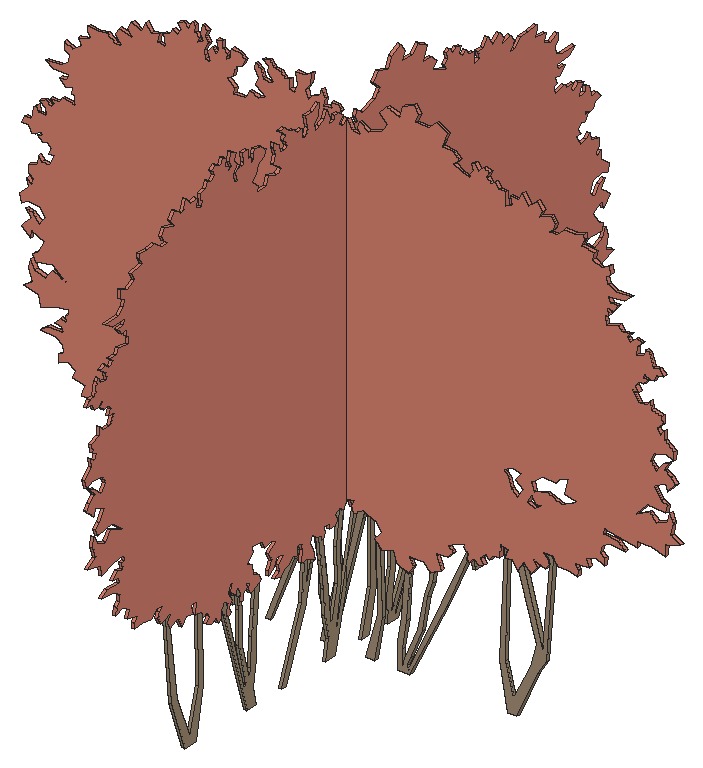
Revit family "L-PL상록관목_남천", category 수목, Revit 2019
Family settings
  OmniClass 번호 = 23.40.05.00
  OmniClass 제목 = Plants and Planting Products
  작업 기준면 기반 = 아니오
  항상 수직 = 예
  로드될 때 보이드를 사용하여 절단 = 아니오
  렌더 모양 소스 = 패밀리 형상
  공유 = 아니오
Parameters (values of type "남천")
  한국산업규격KS = ""
  조달청표준공사코드-세부공종 = "10161599202809"
  높이 = 1000 mm
  건설정보분류체계-부위분류 = "E985"
  LIM_INFO_주의사항 = "재배포, 재가공, 판매 금지"
  LIM_INFO_제작일 = "20211210"
  LIM_INFO_버전 = "2022_V01"
  LIM_INFO_PL_학명 = "Quercus myrsinaefolia Bl."
  LIM_INFO_PL_품명 = "가시나무"
  LIM_INFO_PL_주당인정수량 = 0
  LIM_INFO_PL_수목단위 = "주"
  LIM_INFO_PL_규격 = "5.0H X 18R"
  LIM_INFO_PL_구분 = "상록교목"
  LIM_INFO_PL_가격 = 0
  LIM_INFO_PL_Qty [instance] = 0
  LIM_INFO_PL_M2당수량 = 0
  KBIMS_식별-버전 = ""
  KBIMS_식별-bSK등록번호 = ""
  KBIMS_보급정보-저작자 = "림인포테크_MMJ"
  KBIMS_보급정보-보급코드 = ""
Reference planes
  plane 1 "중심(앞/뒤)": y = 0
  plane 2: z = 0
  plane 3 "중심(왼쪽/오른쪽)": x = 0
  plane 4: x = 482.5
  plane 5: x = -607.5
  plane 6: z = -545
  plane 7: z = -817.5
  plane 8: z = 5000
  plane 9: x = -100
  plane 10: x = 100
Dimensions and locks
  plane 4 to plane 5 = 1090 mm
  plane 6 to level = 545 mm
  plane 7 to plane 6 = 272.5 mm
  locked: level to plane 8 at 5000
  plane 9 to plane 10 = 200 mm
  aligned and locked: level to plane 2
Nested families
  nested 1: "남천_base" at (0, 0, 0), type "남천_base"
Definition of nested family "남천_base"
  Parameters (values of type "남천_base")
    Height = 6000 mm
  Reference planes
    plane 1 "중심(앞/뒤)": y = 0
    plane 2: z = 0
    plane 3 "중심(왼쪽/오른쪽)": x = 0
    plane 4 "중심 L/S": x = 500
    plane 5 "중심 L/T": x = -500
  Forms (mm)
    Extrusion 1, solid, detail levels fine
      sketch origin (0, 0, 0) x (1, 0, 0) y (0, 0, 1)
        loop
          line (80.286, 176.292) -> (85.418, 159.57) -> (105.102, 150.285) -> (112.367, 162.751) -> (106.26, 176.112) -> (129.292, 176.349) -> (142.188, 165.026) -> (160.028, 174.495) -> (151.265, 196.575) -> (170.335, 197.963) -> (179.881, 207.617) -> (171.326, 216.061) -> (183.693, 223.429) -> (200.072, 228.028) -> (197.106, 222.268) -> (203.809, 215.388) -> (201.485, 205.41) -> (206.347, 201.833) -> (212.904, 210.945) -> (221.412, 204.685) -> (231.046, 207.488) -> (226.135, 216.496) -> (233.913, 224.111) -> (240.907, 218.441) -> (246.565, 226.941) -> (257.421, 227.945) -> (258.144, 248.168) -> (269.955, 243.749) -> (265.241, 231.033) -> (279.119, 231.763) -> (286.782, 218.857) -> (296.889, 234.621) -> (311.164, 222.996) -> (320.405, 234.533) -> (314.283, 244.724) -> (333.945, 237.368) -> (340.797, 246.472) -> (338.303, 255.491) -> (331.614, 261.759) -> (344.277, 261.573) -> (356.45, 249.025) -> (372.728, 249.173) -> (388.439, 245.397) -> (389.267, 253.843) -> (384.658, 263.446) -> (407.247, 265.761) -> (403.521, 277.783) -> (418.53, 284.851) -> (432.471, 276.84) -> (433.863, 289.511) -> (426.275, 295.168) -> (429.194, 305.743) -> (441.192, 312.483) -> (468.034, 311.219) -> (456.182, 321.66) -> (430.836, 324.143) -> (433.858, 332.534) -> (487.865, 323.726) -> (487.95, 333.139) -> (511.489, 332.925) -> (534.979, 327.221) -> (535.927, 345.255) -> (561.114, 353.656) -> (543.93, 362.442) -> (548.024, 381.232) -> (542.66, 395.402) -> (537.817, 380.54) -> (520.483, 372.853) -> (508.036, 384.733) -> (486.751, 373.943) -> (505.767, 394.168) -> (535.57, 392.328) -> (538.03, 404.073) -> (528.349, 408.835) -> (516.278, 426.056) -> (535.941, 437.123) -> (539.262, 425.848) -> (552.599, 440.395) -> (543.876, 449.275) -> (533.673, 456.701) -> (541.124, 469.346) -> (531.299, 464.546) -> (519.927, 450.959) -> (509.262, 461.323) -> (516.726, 475.434) -> (537.309, 480.137) -> (548.513, 475.146) -> (549.256, 488.727) -> (533.304, 501.038) -> (533.428, 514.662) -> (527.034, 507.421) -> (521.751, 515.255) -> (529.605, 522.483) -> (528.741, 534.657) -> (511.746, 539.191) -> (509.422, 551.378) -> (504.489, 544.123) -> (491.325, 541.809) -> (480.475, 557.459) -> (490.772, 557.365) -> (485.403, 566.498) -> (491.224, 573.713) -> (498.79, 573.039) -> (506.141, 582.056) -> (498.578, 583.033) -> (500.436, 587.559) -> (509.787, 583.235) -> (516.453, 583.477) -> (520.481, 593.433) -> (532.62, 596.048) -> (525.131, 605.201) -> (514.514, 603.48) -> (507.755, 622.781) -> (502.351, 625.241) -> (500.764, 616.515) -> (487.169, 613.323) -> (488.18, 625.068) -> (496.7, 633.731) -> (486.779, 636.835) -> (477.059, 628.786) -> (471.079, 634.265) -> (477.168, 640.841) -> (462.68, 638.862) -> (456.716, 646.15) -> (436.467, 640.607) -> (434.475, 653.585) -> (440.216, 655.04) -> (437.294, 665.313) -> (447.834, 664.012) -> (456.683, 675.686) -> (443.414, 675.204) -> (440.473, 683.368) -> (465.819, 685.851) -> (477.671, 696.292) -> (450.829, 695.028) -> (438.831, 701.768) -> (435.912, 712.343) -> (443.5, 718) -> (442.108, 730.671) -> (428.167, 722.66) -> (413.158, 729.728) -> (416.884, 741.75) -> (394.295, 744.065) -> (398.904, 753.667) -> (398.076, 762.114) -> (382.365, 758.338) -> (366.087, 758.486) -> (353.914, 745.938) -> (341.251, 745.751) -> (347.94, 752.02) -> (350.434, 761.039) -> (343.582, 770.143) -> (323.92, 762.786) -> (330.042, 772.978) -> (320.801, 784.515) -> (306.526, 772.89) -> (296.419, 788.654) -> (288.756, 775.748) -> (274.878, 776.478) -> (279.592, 763.762) -> (267.781, 759.342) -> (267.059, 779.566) -> (256.202, 780.57) -> (250.544, 789.07) -> (243.55, 783.4) -> (235.772, 791.015) -> (240.683, 800.023) -> (231.05, 802.826) -> (222.541, 796.566) -> (215.984, 805.678) -> (211.122, 802.101) -> (213.446, 792.122) -> (206.743, 785.243) -> (209.709, 779.483) -> (193.33, 784.081) -> (180.963, 791.449) -> (189.518, 799.894) -> (179.972, 809.548) -> (160.902, 810.936) -> (169.665, 833.016) -> (151.825, 842.485) -> (138.929, 831.162) -> (115.897, 831.399) -> (122.004, 844.76) -> (114.739, 857.226) -> (95.055, 847.941) -> (89.923, 831.219) -> (68.509, 837.683) -> (56.801, 825.029) -> (69.667, 811.856) -> (61.039, 798.638) -> (37.331, 790.248) -> (22.423, 799.006) -> (19.758, 789.312) -> (24.139, 780.306) -> (10.223, 782.061) -> (2.89, 796.55) -> (-4.774, 789.254) -> (-14.988, 795.571) -> (-7.93, 804.955) -> (-14.707, 811.138) -> (-24.102, 811.67) -> (-24.328, 804.496) -> (-36.813, 802.727) -> (-34.887, 813.248) -> (-40.524, 826.735) -> (-44.106, 814.737) -> (-56.203, 810.229) -> (-62.736, 803.714) -> (-66.983, 816.156) -> (-59.706, 826.192) -> (-56.987, 844.278) -> (-69.349, 837.248) -> (-83.658, 837.395) -> (-80.59, 818.523) -> (-85.647, 806.425) -> (-93.96, 808.631) -> (-94.029, 822.157) -> (-101.443, 820.184) -> (-110.266, 828.164) -> (-119.743, 829.898) -> (-128.091, 838.867) -> (-139.511, 836.942) -> (-129.524, 829.435) -> (-130.915, 819.702) -> (-122.052, 809.267) -> (-127.917, 805.052) -> (-138.126, 807.606) -> (-142.205, 819.026) -> (-151.546, 826.316) -> (-152.59, 818.478) -> (-146.832, 806.065) -> (-152.104, 793.321) -> (-135.272, 780.938) -> (-146.05, 776.643) -> (-161.384, 780.624) -> (-166.785, 768.784) -> (-187.554, 767.689) -> (-185.819, 777.163) -> (-198.171, 788.335) -> (-188.513, 794.009) -> (-185.736, 809.169) -> (-173.579, 814.582) -> (-168.61, 825.13) -> (-178.814, 832.065) -> (-190.838, 834.656) -> (-193.379, 828.776) -> (-192.704, 819.672) -> (-200.355, 815.215) -> (-198.84, 824.016) -> (-206.651, 829.35) -> (-206.68, 840.386) -> (-216.003, 839.065) -> (-213.616, 824.377) -> (-217.576, 817.683) -> (-223.837, 825.076) -> (-231.409, 815.723) -> (-227.26, 801.591) -> (-234.687, 804.219) -> (-237.508, 815.473) -> (-229.621, 828.59) -> (-235.97, 836.833) -> (-231.221, 846.343) -> (-240.818, 851.689) -> (-242.883, 838.292) -> (-239.012, 828.174) -> (-248.022, 825.069) -> (-245.837, 831.169) -> (-253.385, 837.109) -> (-252.391, 847.307) -> (-257.68, 850.215) -> (-262.985, 840.321) -> (-272.241, 845.41) -> (-281.423, 841.367) -> (-275.372, 833.081) -> (-282.084, 824.512) -> (-289.761, 829.215) -> (-294.255, 820.045) -> (-304.886, 817.626) -> (-302.947, 797.482) -> (-315.237, 800.313) -> (-312.233, 813.538) -> (-325.894, 810.993) -> (-335.185, 822.782) -> (-343.136, 805.827) -> (-358.813, 815.478) -> (-366.46, 802.829) -> (-359.053, 793.528) -> (-379.511, 798.241) -> (-385.108, 788.316) -> (-381.453, 779.703) -> (-373.998, 774.366) -> (-386.577, 772.889) -> (-400.291, 783.731) -> (-416.409, 781.448) -> (-432.48, 783.129) -> (-432.192, 774.647) -> (-426.362, 765.733) -> (-448.453, 760.473) -> (-443.181, 749.045) -> (-457.133, 740.068) -> (-472.004, 746.18) -> (-471.721, 733.436) -> (-463.456, 728.823) -> (-464.962, 717.956) -> (-475.972, 709.701) -> (-502.748, 707.43) -> (-489.628, 698.635) -> (-464.175, 699.5) -> (-466.019, 691.021) -> (-479.237, 689.758) -> (-468.932, 679.346) -> (-458.655, 682.019) -> (-460.203, 671.451) -> (-454.32, 670.762) -> (-454.592, 657.635) -> (-475.393, 660.472) -> (-480.349, 652.465) -> (-494.972, 652.525) -> (-488.072, 646.805) -> (-493.281, 640.589) -> (-503.974, 647.293) -> (-513.401, 642.914) -> (-503.818, 635.444) -> (-501.275, 623.933) -> (-515.171, 625.313) -> (-517.889, 633.755) -> (-522.924, 630.607) -> (-527.091, 610.586) -> (-537.842, 610.899) -> (-544.065, 600.842) -> (-531.688, 599.843) -> (-526.388, 590.502) -> (-519.748, 591.136) -> (-511.046, 596.65) -> (-508.609, 592.408) -> (-515.979, 590.447) -> (-507.508, 582.472) -> (-500.096, 584.133) -> (-493.379, 577.745) -> (-497.503, 567.986) -> (-487.306, 569.43) -> (-496.009, 552.492) -> (-509.363, 553.058) -> (-515.206, 559.602) -> (-515.909, 547.216) -> (-532.163, 540.491) -> (-531.421, 528.309) -> (-522.687, 522.174) -> (-526.896, 513.715) -> (-534.185, 520.055) -> (-532.274, 506.564) -> (-546.472, 492.267) -> (-543.953, 478.9) -> (-533.502, 485.318) -> (-512.479, 483.357) -> (-503.228, 470.348) -> (-512.441, 458.674) -> (-525.497, 470.65) -> (-535.867, 474.12) -> (-526.821, 46
            2.562) -> (-535.962, 453.861) -> (-543.443, 443.913) -> (-528.313, 431.243) -> (-526.5, 442.856) -> (-505.555, 434.466) -> (-515.261, 415.809) -> (-524.234, 409.818) -> (-520.253, 398.497) -> (-490.95, 404.232) -> (-469.443, 386.678) -> (-491.96, 394.581) -> (-502.741, 381.17) -> (-520.934, 386.517) -> (-527.685, 400.614) -> (-531.144, 385.863) -> (-524.619, 367.772) -> (-540.501, 356.807) -> (-514.43, 351.785) -> (-511.123, 334.03) -> (-488.585, 342.768) -> (-465.277, 346.069) -> (-463.957, 336.749) -> (-469.84, 336.06) -> (-468.292, 325.492) -> (-478.569, 328.165) -> (-488.874, 317.753) -> (-475.656, 316.49) -> (-473.812, 308.011) -> (-499.265, 308.876) -> (-512.385, 300.081) -> (-485.609, 297.81) -> (-474.599, 289.555) -> (-473.093, 278.688) -> (-481.359, 274.075) -> (-481.641, 261.331) -> (-466.77, 267.443) -> (-452.818, 258.466) -> (-458.09, 247.038) -> (-436, 241.778) -> (-441.829, 232.864) -> (-442.117, 224.382) -> (-426.046, 226.063) -> (-409.928, 223.78) -> (-396.214, 234.622) -> (-383.636, 233.145) -> (-391.09, 227.808) -> (-394.745, 219.194) -> (-389.148, 209.27) -> (-368.69, 213.982) -> (-376.097, 204.682) -> (-368.45, 192.033) -> (-352.773, 201.683) -> (-344.822, 184.729) -> (-335.532, 196.518) -> (-321.87, 193.973) -> (-324.874, 207.198) -> (-312.585, 210.029) -> (-314.523, 189.885) -> (-303.892, 187.465) -> (-299.398, 178.296) -> (-291.721, 182.999) -> (-285.009, 174.43) -> (-291.06, 166.144) -> (-281.878, 162.101) -> (-272.622, 167.19) -> (-267.317, 157.296) -> (-262.028, 160.204) -> (-263.022, 170.402) -> (-255.474, 176.342) -> (-257.659, 182.441) -> (-248.649, 179.337) -> (-252.52, 169.219) -> (-250.455, 155.822) -> (-240.858, 161.168) -> (-245.607, 170.678) -> (-239.258, 178.921) -> (-247.145, 192.038) -> (-244.324, 203.292) -> (-236.897, 205.92) -> (-241.046, 191.787) -> (-233.474, 182.435) -> (-227.213, 189.828) -> (-223.253, 183.134) -> (-225.64, 168.446) -> (-216.317, 167.125) -> (-216.288, 178.161) -> (-208.477, 183.495) -> (-209.992, 192.296) -> (-202.341, 187.839) -> (-203.016, 178.735) -> (-200.475, 172.855) -> (-188.451, 175.445) -> (-178.247, 182.381) -> (-183.216, 192.929) -> (-195.373, 198.342) -> (-198.15, 213.501) -> (-207.808, 219.176) -> (-195.456, 230.347) -> (-197.191, 239.822) -> (-176.422, 238.726) -> (-171.021, 226.887) -> (-155.687, 230.868) -> (-144.909, 226.573) -> (-161.741, 214.19) -> (-156.469, 201.446) -> (-162.227, 189.033) -> (-161.183, 181.194) -> (-151.842, 188.485) -> (-147.763, 199.905) -> (-137.555, 202.459) -> (-131.689, 198.244) -> (-140.552, 187.809) -> (-139.162, 178.076) -> (-149.149, 170.569) -> (-137.728, 168.644) -> (-129.38, 177.613) -> (-119.903, 179.347) -> (-111.08, 187.327) -> (-103.666, 185.354) -> (-103.597, 198.88) -> (-95.284, 201.086) -> (-90.227, 188.988) -> (-93.295, 170.116) -> (-78.986, 170.263) -> (-66.624, 163.233) -> (-69.343, 181.319) -> (-76.62, 191.355) -> (-72.373, 203.797) -> (-65.84, 197.282) -> (-53.743, 192.773) -> (-50.161, 180.776) -> (-44.524, 194.263) -> (-46.45, 204.783) -> (-33.965, 203.015) -> (-33.739, 195.841) -> (-24.344, 196.373) -> (-17.567, 202.556) -> (-24.625, 211.94) -> (-14.411, 218.257) -> (-6.747, 210.961) -> (0.586, 225.45) -> (14.502, 227.205) -> (10.12, 218.199) -> (12.786, 208.505) -> (27.694, 217.263) -> (51.402, 208.873) -> (60.03, 195.655) -> (47.164, 182.482) -> (58.872, 169.828) -> (80.286, 176.292)
        loop
          line (276.751, 338.374) -> (287.329, 330.438) -> (296.906, 343.204) -> (283.576, 353.205) -> (293.253, 366.104) -> (278.469, 370.672) -> (261.804, 362.61) -> (271.749, 353.742) -> (276.751, 338.374)
        loop
          line (361.392, 343.512) -> (388.99, 356.207) -> (366.153, 362.552) -> (372.955, 387.031) -> (358.943, 381.447) -> (352.275, 374.248) -> (329.072, 374.248) -> (311.504, 359.986) -> (315.471, 346.519) -> (337.586, 353.032) -> (361.392, 343.512)
        loop
          line (304.535, 328.187) -> (315.065, 321.765) -> (329.305, 330.908) -> (317.329, 330.092) -> (311.341, 339.344) -> (304.535, 328.187)
      from 0 to 5
    Extrusion 2, solid, detail levels fine
      sketch origin (0, 0, 0) x (1, 0, 0) y (0, 0, 1)
        loop
          line (265.41, 245.45) -> (257.609, 74.87) -> (271.248, 0) -> (286.234, 0) -> (320.468, 75.546) -> (335.405, 98.363) -> (348.267, 257.461) -> (344.277, 261.573) -> (331.614, 261.759) -> (338.303, 255.491) -> (340.517, 247.484) -> (340.797, 246.472) -> (340.228, 244.106) -> (329.935, 116.791) -> (298.163, 233.583) -> (296.889, 234.621) -> (288.266, 221.171) -> (318.613, 118.999) -> (309.563, 82.12) -> (279.934, 25.08) -> (266.877, 77.056) -> (271.166, 231.345) -> (265.241, 231.033) -> (269.955, 243.749) -> (265.41, 245.45)
        loop
          line (86.144, 0) -> (107.024, 0) -> (169.655, 125.227) -> (203.885, 203.644) -> (201.485, 205.41) -> (203.809, 215.388) -> (202.153, 217.089) -> (160.382, 125.591) -> (104.125, 6.295) -> (102.345, 12.344) -> (127.971, 72.477) -> (137.225, 126.56) -> (145.411, 150.756) -> (148.089, 168.158) -> (142.188, 165.026) -> (140.719, 166.315) -> (140.072, 152.891) -> (131.174, 127.628) -> (120.497, 71.409) -> (97.362, 20.172) -> (94.131, 9.509) -> (94.577, 34.018) -> (101.708, 79.024) -> (104.16, 119.798) -> (107.555, 154.495) -> (105.102, 150.285) -> (99.54, 152.908) -> (96.137, 128.933) -> (93.685, 82.366) -> (85.662, 43.153) -> (86.144, 0)
        loop
          line (58.101, 170.66) -> (50.616, 178.752) -> (52.185, 70.492) -> (33.478, 0) -> (48.064, 0) -> (61.423, 68.183) -> (58.101, 170.66)
        loop
          line (30.631, 216.224) -> (27.694, 217.263) -> (19.902, 212.686) -> (-19.695, 38.261) -> (-22.738, 43.784) -> (-10.686, 108.029) -> (-13.317, 162.836) -> (-7.935, 212.092) -> (-12.852, 216.773) -> (-19.455, 162.573) -> (-17.754, 105.374) -> (-29.292, 50.353) -> (-30.147, 39.244) -> (-34.998, 63.272) -> (-37.743, 108.757) -> (-44.144, 149.1) -> (-48.452, 184.865) -> (-50.161, 180.776) -> (-53.743, 192.773) -> (-56.831, 193.924) -> (-53.949, 156.289) -> (-46.298, 110.29) -> (-45.674, 70.269) -> (-36.635, 31.422) -> (-41.958, 0) -> (-23.739, 0) -> (30.631, 216.224)
        loop
          line (-70.213, 165.274) -> (-74.503, 167.714) -> (-84.448, 124.727) -> (-81.994, 170.232) -> (-89.806, 170.232) -> (-93.154, 111.029) -> (-134.582, 0) -> (-126.688, 0) -> (-85.49, 105.408) -> (-85.253, 109.811) -> (-70.213, 165.274)
        loop
          line (-259.711, 173.008) -> (-257.222, 162.683) -> (-208.902, 0) -> (-189.561, 0) -> (-196.189, 28.04) -> (-188.805, 67.235) -> (-189.877, 107.247) -> (-184.182, 153.529) -> (-183.316, 178.936) -> (-188.451, 175.445) -> (-191.431, 174.803) -> (-193.673, 145.931) -> (-198.36, 105.353) -> (-199.175, 59.792) -> (-203.004, 35.581) -> (-204.329, 46.643) -> (-218.187, 101.127) -> (-218.911, 158.346) -> (-220.457, 167.712) -> (-225.64, 168.446) -> (-223.253, 183.134) -> (-227.213, 189.828) -> (-229.449, 187.188) -> (-225.055, 158.348) -> (-225.361, 103.479) -> (-210.599, 39.803) -> (-213.404, 34.156) -> (-247.023, 157.734) -> (-250.455, 155.822) -> (-252.52, 169.219) -> (-251.043, 173.08) -> (-253.055, 180.855) -> (-257.659, 182.441) -> (-255.474, 176.342) -> (-259.711, 173.008)
        loop
          line (-377.554, 211.941) -> (-364.617, 78.494) -> (-338.385, 0) -> (-315.02, 0) -> (-299.549, 78.958) -> (-303.008, 185.663) -> (-303.892, 187.465) -> (-310.348, 188.935) -> (-308.787, 81.267) -> (-327.149, 12.077) -> (-355.753, 81.972) -> (-368.408, 191.964) -> (-376.097, 204.682) -> (-368.69, 213.982) -> (-377.554, 211.941)
      from 0 to 5
    Extrusion 3, solid, detail levels fine
      sketch origin (-5, -5, 0) x (0, 1, 0) y (0, 0, 1)
        loop
          line (80.286, 176.292) -> (85.418, 159.57) -> (105.102, 150.285) -> (112.367, 162.751) -> (106.26, 176.112) -> (129.292, 176.349) -> (142.188, 165.026) -> (160.028, 174.495) -> (151.265, 196.575) -> (170.335, 197.963) -> (179.881, 207.617) -> (171.326, 216.061) -> (183.693, 223.429) -> (200.072, 228.028) -> (197.106, 222.268) -> (203.809, 215.388) -> (201.485, 205.41) -> (206.347, 201.833) -> (212.904, 210.945) -> (221.412, 204.685) -> (231.046, 207.488) -> (226.135, 216.496) -> (233.913, 224.111) -> (240.907, 218.441) -> (246.565, 226.941) -> (257.421, 227.945) -> (258.144, 248.168) -> (269.955, 243.749) -> (265.241, 231.033) -> (279.119, 231.763) -> (286.782, 218.857) -> (296.889, 234.621) -> (311.164, 222.996) -> (320.405, 234.533) -> (314.283, 244.724) -> (333.945, 237.368) -> (340.797, 246.472) -> (338.303, 255.491) -> (331.614, 261.759) -> (344.277, 261.573) -> (356.45, 249.025) -> (372.728, 249.173) -> (388.439, 245.397) -> (389.267, 253.843) -> (384.658, 263.446) -> (407.247, 265.761) -> (403.521, 277.783) -> (418.53, 284.851) -> (432.471, 276.84) -> (433.863, 289.511) -> (426.275, 295.168) -> (429.194, 305.743) -> (441.192, 312.483) -> (468.034, 311.219) -> (456.182, 321.66) -> (430.836, 324.143) -> (433.858, 332.534) -> (487.865, 323.726) -> (487.95, 333.139) -> (511.489, 332.925) -> (534.979, 327.221) -> (535.927, 345.255) -> (561.114, 353.656) -> (543.93, 362.442) -> (548.024, 381.232) -> (542.66, 395.402) -> (537.817, 380.54) -> (520.483, 372.853) -> (508.036, 384.733) -> (486.751, 373.943) -> (505.767, 394.168) -> (535.57, 392.328) -> (538.03, 404.073) -> (528.349, 408.835) -> (516.278, 426.056) -> (535.941, 437.123) -> (539.262, 425.848) -> (552.599, 440.395) -> (543.876, 449.275) -> (533.673, 456.701) -> (541.124, 469.346) -> (531.299, 464.546) -> (519.927, 450.959) -> (509.262, 461.323) -> (516.726, 475.434) -> (537.309, 480.137) -> (548.513, 475.146) -> (549.256, 488.727) -> (533.304, 501.038) -> (533.428, 514.662) -> (527.034, 507.421) -> (521.751, 515.255) -> (529.605, 522.483) -> (528.741, 534.657) -> (511.746, 539.191) -> (509.422, 551.378) -> (504.489, 544.123) -> (491.325, 541.809) -> (480.475, 557.459) -> (490.772, 557.365) -> (485.403, 566.498) -> (491.224, 573.713) -> (498.79, 573.039) -> (506.141, 582.056) -> (498.578, 583.033) -> (500.436, 587.559) -> (509.787, 583.235) -> (516.453, 583.477) -> (520.481, 593.433) -> (532.62, 596.048) -> (525.131, 605.201) -> (514.514, 603.48) -> (507.755, 622.781) -> (502.351, 625.241) -> (500.764, 616.515) -> (487.169, 613.323) -> (488.18, 625.068) -> (496.7, 633.731) -> (486.779, 636.835) -> (477.059, 628.786) -> (471.079, 634.265) -> (477.168, 640.841) -> (462.68, 638.862) -> (456.716, 646.15) -> (436.467, 640.607) -> (434.475, 653.585) -> (440.216, 655.04) -> (437.294, 665.313) -> (447.834, 664.012) -> (456.683, 675.686) -> (443.414, 675.204) -> (440.473, 683.368) -> (465.819, 685.851) -> (477.671, 696.292) -> (450.829, 695.028) -> (438.831, 701.768) -> (435.912, 712.343) -> (443.5, 718) -> (442.108, 730.671) -> (428.167, 722.66) -> (413.158, 729.728) -> (416.884, 741.75) -> (394.295, 744.065) -> (398.904, 753.667) -> (398.076, 762.114) -> (382.365, 758.338) -> (366.087, 758.486) -> (353.914, 745.938) -> (341.251, 745.751) -> (347.94, 752.02) -> (350.434, 761.039) -> (343.582, 770.143) -> (323.92, 762.786) -> (330.042, 772.978) -> (320.801, 784.515) -> (306.526, 772.89) -> (296.419, 788.654) -> (288.756, 775.748) -> (274.878, 776.478) -> (279.592, 763.762) -> (267.781, 759.342) -> (267.059, 779.566) -> (256.202, 780.57) -> (250.544, 789.07) -> (243.55, 783.4) -> (235.772, 791.015) -> (240.683, 800.023) -> (231.05, 802.826) -> (222.541, 796.566) -> (215.984, 805.678) -> (211.122, 802.101) -> (213.446, 792.122) -> (206.743, 785.243) -> (209.709, 779.483) -> (193.33, 784.081) -> (180.963, 791.449) -> (189.518, 799.894) -> (179.972, 809.548) -> (160.902, 810.936) -> (169.665, 833.016) -> (151.825, 842.485) -> (138.929, 831.162) -> (115.897, 831.399) -> (122.004, 844.76) -> (114.739, 857.226) -> (95.055, 847.941) -> (89.923, 831.219) -> (68.509, 837.683) -> (56.801, 825.029) -> (69.667, 811.856) -> (61.039, 798.638) -> (37.331, 790.248) -> (22.423, 799.006) -> (19.758, 789.312) -> (24.139, 780.306) -> (10.223, 782.061) -> (2.89, 796.55) -> (-4.774, 789.254) -> (-14.988, 795.571) -> (-7.93, 804.955) -> (-14.707, 811.138) -> (-24.102, 811.67) -> (-24.328, 804.496) -> (-36.813, 802.727) -> (-34.887, 813.248) -> (-40.524, 826.735) -> (-44.106, 814.737) -> (-56.203, 810.229) -> (-62.736, 803.714) -> (-66.983, 816.156) -> (-59.706, 826.192) -> (-56.987, 844.278) -> (-69.349, 837.248) -> (-83.658, 837.395) -> (-80.59, 818.523) -> (-85.647, 806.425) -> (-93.96, 808.631) -> (-94.029, 822.157) -> (-101.443, 820.184) -> (-110.266, 828.164) -> (-119.743, 829.898) -> (-128.091, 838.867) -> (-139.511, 836.942) -> (-129.524, 829.435) -> (-130.915, 819.702) -> (-122.052, 809.267) -> (-127.917, 805.052) -> (-138.126, 807.606) -> (-142.205, 819.026) -> (-151.546, 826.316) -> (-152.59, 818.478) -> (-146.832, 806.065) -> (-152.104, 793.321) -> (-135.272, 780.938) -> (-146.05, 776.643) -> (-161.384, 780.624) -> (-166.785, 768.784) -> (-187.554, 767.689) -> (-185.819, 777.163) -> (-198.171, 788.335) -> (-188.513, 794.009) -> (-185.736, 809.169) -> (-173.579, 814.582) -> (-168.61, 825.13) -> (-178.814, 832.065) -> (-190.838, 834.656) -> (-193.379, 828.776) -> (-192.704, 819.672) -> (-200.355, 815.215) -> (-198.84, 824.016) -> (-206.651, 829.35) -> (-206.68, 840.386) -> (-216.003, 839.065) -> (-213.616, 824.377) -> (-217.576, 817.683) -> (-223.837, 825.076) -> (-231.409, 815.723) -> (-227.26, 801.591) -> (-234.687, 804.219) -> (-237.508, 815.473) -> (-229.621, 828.59) -> (-235.97, 836.833) -> (-231.221, 846.343) -> (-240.818, 851.689) -> (-242.883, 838.292) -> (-239.012, 828.174) -> (-248.022, 825.069) -> (-245.837, 831.169) -> (-253.385, 837.109) -> (-252.391, 847.307) -> (-257.68, 850.215) -> (-262.985, 840.321) -> (-272.241, 845.41) -> (-281.423, 841.367) -> (-275.372, 833.081) -> (-282.084, 824.512) -> (-289.761, 829.215) -> (-294.255, 820.045) -> (-304.886, 817.626) -> (-302.947, 797.482) -> (-315.237, 800.313) -> (-312.233, 813.538) -> (-325.894, 810.993) -> (-335.185, 822.782) -> (-343.136, 805.827) -> (-358.813, 815.478) -> (-366.46, 802.829) -> (-359.053, 793.528) -> (-379.511, 798.241) -> (-385.108, 788.316) -> (-381.453, 779.703) -> (-373.998, 774.366) -> (-386.577, 772.889) -> (-400.291, 783.731) -> (-416.409, 781.448) -> (-432.48, 783.129) -> (-432.192, 774.647) -> (-426.362, 765.733) -> (-448.453, 760.473) -> (-443.181, 749.045) -> (-457.133, 740.068) -> (-472.004, 746.18) -> (-471.721, 733.436) -> (-463.456, 728.823) -> (-464.962, 717.956) -> (-475.972, 709.701) -> (-502.748, 707.43) -> (-489.628, 698.635) -> (-464.175, 699.5) -> (-466.019, 691.021) -> (-479.237, 689.758) -> (-468.932, 679.346) -> (-458.655, 682.019) -> (-460.203, 671.451) -> (-454.32, 670.762) -> (-454.592, 657.635) -> (-475.393, 660.472) -> (-480.349, 652.465) -> (-494.972, 652.525) -> (-488.072, 646.805) -> (-493.281, 640.589) -> (-503.974, 647.293) -> (-513.401, 642.914) -> (-503.818, 635.444) -> (-501.275, 623.933) -> (-515.171, 625.313) -> (-517.889, 633.755) -> (-522.924, 630.607) -> (-527.091, 610.586) -> (-537.842, 610.899) -> (-544.065, 600.842) -> (-531.688, 599.843) -> (-526.388, 590.502) -> (-519.748, 591.136) -> (-511.046, 596.65) -> (-508.609, 592.408) -> (-515.979, 590.447) -> (-507.508, 582.472) -> (-500.096, 584.133) -> (-493.379, 577.745) -> (-497.503, 567.986) -> (-487.306, 569.43) -> (-496.009, 552.492) -> (-509.363, 553.058) -> (-515.206, 559.602) -> (-515.909, 547.216) -> (-532.163, 540.491) -> (-531.421, 528.309) -> (-522.687, 522.174) -> (-526.896, 513.715) -> (-534.185, 520.055) -> (-532.274, 506.564) -> (-546.472, 492.267) -> (-543.953, 478.9) -> (-533.502, 485.318) -> (-512.479, 483.357) -> (-503.228, 470.348) -> (-512.441, 458.674) -> (-525.497, 470.65) -> (-535.867, 474.12) -> (-526.821, 46
            2.562) -> (-535.962, 453.861) -> (-543.443, 443.913) -> (-528.313, 431.243) -> (-526.5, 442.856) -> (-505.555, 434.466) -> (-515.261, 415.809) -> (-524.234, 409.818) -> (-520.253, 398.497) -> (-490.95, 404.232) -> (-469.443, 386.678) -> (-491.96, 394.581) -> (-502.741, 381.17) -> (-520.934, 386.517) -> (-527.685, 400.614) -> (-531.144, 385.863) -> (-524.619, 367.772) -> (-540.501, 356.807) -> (-514.43, 351.785) -> (-511.123, 334.03) -> (-488.585, 342.768) -> (-465.277, 346.069) -> (-463.957, 336.749) -> (-469.84, 336.06) -> (-468.292, 325.492) -> (-478.569, 328.165) -> (-488.874, 317.753) -> (-475.656, 316.49) -> (-473.812, 308.011) -> (-499.265, 308.876) -> (-512.385, 300.081) -> (-485.609, 297.81) -> (-474.599, 289.555) -> (-473.093, 278.688) -> (-481.359, 274.075) -> (-481.641, 261.331) -> (-466.77, 267.443) -> (-452.818, 258.466) -> (-458.09, 247.038) -> (-436, 241.778) -> (-441.829, 232.864) -> (-442.117, 224.382) -> (-426.046, 226.063) -> (-409.928, 223.78) -> (-396.214, 234.622) -> (-383.636, 233.145) -> (-391.09, 227.808) -> (-394.745, 219.194) -> (-389.148, 209.27) -> (-368.69, 213.982) -> (-376.097, 204.682) -> (-368.45, 192.033) -> (-352.773, 201.683) -> (-344.822, 184.729) -> (-335.532, 196.518) -> (-321.87, 193.973) -> (-324.874, 207.198) -> (-312.585, 210.029) -> (-314.523, 189.885) -> (-303.892, 187.465) -> (-299.398, 178.296) -> (-291.721, 182.999) -> (-285.009, 174.43) -> (-291.06, 166.144) -> (-281.878, 162.101) -> (-272.622, 167.19) -> (-267.317, 157.296) -> (-262.028, 160.204) -> (-263.022, 170.402) -> (-255.474, 176.342) -> (-257.659, 182.441) -> (-248.649, 179.337) -> (-252.52, 169.219) -> (-250.455, 155.822) -> (-240.858, 161.168) -> (-245.607, 170.678) -> (-239.258, 178.921) -> (-247.145, 192.038) -> (-244.324, 203.292) -> (-236.897, 205.92) -> (-241.046, 191.787) -> (-233.474, 182.435) -> (-227.213, 189.828) -> (-223.253, 183.134) -> (-225.64, 168.446) -> (-216.317, 167.125) -> (-216.288, 178.161) -> (-208.477, 183.495) -> (-209.992, 192.296) -> (-202.341, 187.839) -> (-203.016, 178.735) -> (-200.475, 172.855) -> (-188.451, 175.445) -> (-178.247, 182.381) -> (-183.216, 192.929) -> (-195.373, 198.342) -> (-198.15, 213.501) -> (-207.808, 219.176) -> (-195.456, 230.347) -> (-197.191, 239.822) -> (-176.422, 238.726) -> (-171.021, 226.887) -> (-155.687, 230.868) -> (-144.909, 226.573) -> (-161.741, 214.19) -> (-156.469, 201.446) -> (-162.227, 189.033) -> (-161.183, 181.194) -> (-151.842, 188.485) -> (-147.763, 199.905) -> (-137.555, 202.459) -> (-131.689, 198.244) -> (-140.552, 187.809) -> (-139.162, 178.076) -> (-149.149, 170.569) -> (-137.728, 168.644) -> (-129.38, 177.613) -> (-119.903, 179.347) -> (-111.08, 187.327) -> (-103.666, 185.354) -> (-103.597, 198.88) -> (-95.284, 201.086) -> (-90.227, 188.988) -> (-93.295, 170.116) -> (-78.986, 170.263) -> (-66.624, 163.233) -> (-69.343, 181.319) -> (-76.62, 191.355) -> (-72.373, 203.797) -> (-65.84, 197.282) -> (-53.743, 192.773) -> (-50.161, 180.776) -> (-44.524, 194.263) -> (-46.45, 204.783) -> (-33.965, 203.015) -> (-33.739, 195.841) -> (-24.344, 196.373) -> (-17.567, 202.556) -> (-24.625, 211.94) -> (-14.411, 218.257) -> (-6.747, 210.961) -> (0.586, 225.45) -> (14.502, 227.205) -> (10.12, 218.199) -> (12.786, 208.505) -> (27.694, 217.263) -> (51.402, 208.873) -> (60.03, 195.655) -> (47.164, 182.482) -> (58.872, 169.828) -> (80.286, 176.292)
        loop
          line (276.751, 338.374) -> (287.329, 330.438) -> (296.906, 343.204) -> (283.576, 353.205) -> (293.253, 366.104) -> (278.469, 370.672) -> (261.804, 362.61) -> (271.749, 353.742) -> (276.751, 338.374)
        loop
          line (361.392, 343.512) -> (388.99, 356.207) -> (366.153, 362.552) -> (372.955, 387.031) -> (358.943, 381.447) -> (352.275, 374.248) -> (329.072, 374.248) -> (311.504, 359.986) -> (315.471, 346.519) -> (337.586, 353.032) -> (361.392, 343.512)
        loop
          line (304.535, 328.187) -> (315.065, 321.765) -> (329.305, 330.908) -> (317.329, 330.092) -> (311.341, 339.344) -> (304.535, 328.187)
      from 0 to 5
    Extrusion 4, solid, detail levels fine
      sketch origin (-5, -5, 0) x (0, 1, 0) y (0, 0, 1)
        loop
          line (265.41, 245.45) -> (257.609, 74.87) -> (271.248, 0) -> (286.234, 0) -> (320.468, 75.546) -> (335.405, 98.363) -> (348.267, 257.461) -> (344.277, 261.573) -> (331.614, 261.759) -> (338.303, 255.491) -> (340.517, 247.484) -> (340.797, 246.472) -> (340.228, 244.106) -> (329.935, 116.791) -> (298.163, 233.583) -> (296.889, 234.621) -> (288.266, 221.171) -> (318.613, 118.999) -> (309.563, 82.12) -> (279.934, 25.08) -> (266.877, 77.056) -> (271.166, 231.345) -> (265.241, 231.033) -> (269.955, 243.749) -> (265.41, 245.45)
        loop
          line (86.144, 0) -> (107.024, 0) -> (169.655, 125.227) -> (203.885, 203.644) -> (201.485, 205.41) -> (203.809, 215.388) -> (202.153, 217.089) -> (160.382, 125.591) -> (104.125, 6.295) -> (102.345, 12.344) -> (127.971, 72.477) -> (137.225, 126.56) -> (145.411, 150.756) -> (148.089, 168.158) -> (142.188, 165.026) -> (140.719, 166.315) -> (140.072, 152.891) -> (131.174, 127.628) -> (120.497, 71.409) -> (97.362, 20.172) -> (94.131, 9.509) -> (94.577, 34.018) -> (101.708, 79.024) -> (104.16, 119.798) -> (107.555, 154.495) -> (105.102, 150.285) -> (99.54, 152.908) -> (96.137, 128.933) -> (93.685, 82.366) -> (85.662, 43.153) -> (86.144, 0)
        loop
          line (58.101, 170.66) -> (50.616, 178.752) -> (52.185, 70.492) -> (33.478, 0) -> (48.064, 0) -> (61.423, 68.183) -> (58.101, 170.66)
        loop
          line (30.631, 216.224) -> (27.694, 217.263) -> (19.902, 212.686) -> (-19.695, 38.261) -> (-22.738, 43.784) -> (-10.686, 108.029) -> (-13.317, 162.836) -> (-7.935, 212.092) -> (-12.852, 216.773) -> (-19.455, 162.573) -> (-17.754, 105.374) -> (-29.292, 50.353) -> (-30.147, 39.244) -> (-34.998, 63.272) -> (-37.743, 108.757) -> (-44.144, 149.1) -> (-48.452, 184.865) -> (-50.161, 180.776) -> (-53.743, 192.773) -> (-56.831, 193.924) -> (-53.949, 156.289) -> (-46.298, 110.29) -> (-45.674, 70.269) -> (-36.635, 31.422) -> (-41.958, 0) -> (-23.739, 0) -> (30.631, 216.224)
        loop
          line (-70.213, 165.274) -> (-74.503, 167.714) -> (-84.448, 124.727) -> (-81.994, 170.232) -> (-89.806, 170.232) -> (-93.154, 111.029) -> (-134.582, 0) -> (-126.688, 0) -> (-85.49, 105.408) -> (-85.253, 109.811) -> (-70.213, 165.274)
        loop
          line (-259.711, 173.008) -> (-257.222, 162.683) -> (-208.902, 0) -> (-189.561, 0) -> (-196.189, 28.04) -> (-188.805, 67.235) -> (-189.877, 107.247) -> (-184.182, 153.529) -> (-183.316, 178.936) -> (-188.451, 175.445) -> (-191.431, 174.803) -> (-193.673, 145.931) -> (-198.36, 105.353) -> (-199.175, 59.792) -> (-203.004, 35.581) -> (-204.329, 46.643) -> (-218.187, 101.127) -> (-218.911, 158.346) -> (-220.457, 167.712) -> (-225.64, 168.446) -> (-223.253, 183.134) -> (-227.213, 189.828) -> (-229.449, 187.188) -> (-225.055, 158.348) -> (-225.361, 103.479) -> (-210.599, 39.803) -> (-213.404, 34.156) -> (-247.023, 157.734) -> (-250.455, 155.822) -> (-252.52, 169.219) -> (-251.043, 173.08) -> (-253.055, 180.855) -> (-257.659, 182.441) -> (-255.474, 176.342) -> (-259.711, 173.008)
        loop
          line (-377.554, 211.941) -> (-364.617, 78.494) -> (-338.385, 0) -> (-315.02, 0) -> (-299.549, 78.958) -> (-303.008, 185.663) -> (-303.892, 187.465) -> (-310.348, 188.935) -> (-308.787, 81.267) -> (-327.149, 12.077) -> (-355.753, 81.972) -> (-368.408, 191.964) -> (-376.097, 204.682) -> (-368.69, 213.982) -> (-377.554, 211.941)
      from 0 to 5
    Revolve 5, solid, detail levels coarse
      sketch origin (0, 0, 0) x (1, 0, 0) y (0, 0, 1)
        loop
          line (0, 0) -> (0, 687.614) -> (-220, 687.614)
          arc (-220, 687.614) -> (-443.545, 595.019) -> (-536.14, 371.474) r 316.14
          arc (-536.14, 371.474) -> (-433.356, 114.795) -> (-181.82, 0) r 371.89
          line (-181.82, 0) -> (0, 0)
        axis (0, 687.614) -> (0, 0)
      angle from 0 to 360
  Lines and regions (mm)
    symbolic lines
      curve 1: line (6.605, -322.206, 0) -> (13.334, -319.151, 0)
      curve 2: line (13.334, -319.151, 0) -> (19.227, -314.954, 0)
      curve 3: line (19.227, -314.954, 0) -> (24.467, -310.214, 0)
      curve 4: line (24.467, -310.214, 0) -> (29.239, -305.53, 0)
      curve 5: line (29.239, -305.53, 0) -> (33.726, -301.502, 0)
      curve 6: line (33.726, -301.502, 0) -> (38.112, -298.729, 0)
      curve 7: line (38.112, -298.729, 0) -> (42.581, -297.811, 0)
      curve 8: line (42.581, -297.811, 0) -> (47.316, -299.345, 0)
      curve 9: line (47.316, -299.345, 0) -> (52.479, -303.738, 0)
      curve 10: line (52.479, -303.738, 0) -> (58.136, -310.612, 0)
      curve 11: line (58.136, -310.612, 0) -> (64.333, -319.398, 0)
      curve 12: line (64.333, -319.398, 0) -> (71.113, -329.523, 0)
      curve 13: line (71.113, -329.523, 0) -> (78.522, -340.419, 0)
      curve 14: line (78.522, -340.419, 0) -> (86.603, -351.513, 0)
      curve 15: line (86.603, -351.513, 0) -> (95.4, -362.234, 0)
      curve 16: line (95.4, -362.234, 0) -> (104.959, -372.013, 0)
      curve 17: line (104.959, -372.013, 0) -> (115.272, -380.378, 0)
      curve 18: line (115.272, -380.378, 0) -> (126.125, -387.255, 0)
      curve 19: line (126.125, -387.255, 0) -> (137.255, -392.673, 0)
      curve 20: line (137.255, -392.673, 0) -> (148.396, -396.657, 0)
      curve 21: line (148.396, -396.657, 0) -> (159.285, -399.234, 0)
      curve 22: line (159.285, -399.234, 0) -> (169.655, -400.43, 0)
      curve 23: line (169.655, -400.43, 0) -> (179.243, -400.274, 0)
      curve 24: line (179.243, -400.274, 0) -> (187.784, -398.791, 0)
      curve 25: line (187.784, -398.791, 0) -> (195.069, -396.035, 0)
      curve 26: line (195.069, -396.035, 0) -> (201.116, -392.171, 0)
      curve 27: line (201.116, -392.171, 0) -> (205.999, -387.389, 0)
      curve 28: line (205.999, -387.389, 0) -> (209.791, -381.881, 0)
      curve 29: line (209.791, -381.881, 0) -> (212.567, -375.838, 0)
      curve 30: line (212.567, -375.838, 0) -> (214.399, -369.45, 0)
      curve 31: line (214.399, -369.45, 0) -> (215.362, -362.911, 0)
      curve 32: line (215.362, -362.911, 0) -> (215.53, -356.41, 0)
      curve 33: line (215.53, -356.41, 0) -> (215.008, -350.077, 0)
      curve 34: line (215.008, -350.077, 0) -> (214.031, -343.801, 0)
      curve 35: line (214.031, -343.801, 0) -> (212.868, -337.406, 0)
      curve 36: line (212.868, -337.406, 0) -> (211.786, -330.72, 0)
      curve 37: line (211.786, -330.72, 0) -> (211.053, -323.567, 0)
      curve 38: line (211.053, -323.567, 0) -> (210.935, -315.774, 0)
      curve 39: line (210.935, -315.774, 0) -> (211.701, -307.167, 0)
      curve 40: line (211.701, -307.167, 0) -> (213.618, -297.572, 0)
      curve 41: line (213.618, -297.572, 0) -> (216.828, -286.869, 0)
      curve 42: line (216.828, -286.869, 0) -> (220.974, -275.153, 0)
      curve 43: line (220.974, -275.153, 0) -> (225.571, -262.572, 0)
      curve 44: line (225.571, -262.572, 0) -> (230.136, -249.276, 0)
      curve 45: line (230.136, -249.276, 0) -> (234.186, -235.413, 0)
      curve 46: line (234.186, -235.413, 0) -> (237.236, -221.133, 0)
      curve 47: line (237.236, -221.133, 0) -> (238.804, -206.583, 0)
      curve 48: line (238.804, -206.583, 0) -> (238.405, -191.914, 0)
      curve 49: line (238.405, -191.914, 0) -> (235.726, -177.287, 0)
      curve 50: line (235.726, -177.287, 0) -> (231.13, -162.924, 0)
      curve 51: line (231.13, -162.924, 0) -> (225.151, -149.061, 0)
      curve 52: line (225.151, -149.061, 0) -> (218.321, -135.931, 0)
      curve 53: line (218.321, -135.931, 0) -> (211.176, -123.772, 0)
      curve 54: line (211.176, -123.772, 0) -> (204.247, -112.817, 0)
      curve 55: line (204.247, -112.817, 0) -> (198.068, -103.303, 0)
      curve 56: line (198.068, -103.303, 0) -> (193.172, -95.463, 0)
      curve 57: line (193.172, -95.463, 0) -> (189.948, -89.446, 0)
      curve 58: line (189.948, -89.446, 0) -> (188.198, -85.044, 0)
      curve 59: line (188.198, -85.044, 0) -> (187.582, -81.959, 0)
      curve 60: line (187.582, -81.959, 0) -> (187.756, -79.897, 0)
      curve 61: line (187.756, -79.897, 0) -> (188.381, -78.561, 0)
      curve 62: line (188.381, -78.561, 0) -> (189.112, -77.655, 0)
      curve 63: line (189.112, -77.655, 0) -> (189.61, -76.882, 0)
      curve 64: line (189.61, -76.882, 0) -> (189.531, -75.946, 0)
      curve 65: line (189.531, -75.946, 0) -> (188.663, -74.623, 0)
      curve 66: line (188.663, -74.623, 0) -> (187.306, -72.964, 0)
      curve 67: line (187.306, -72.964, 0) -> (185.887, -71.096, 0)
      curve 68: line (185.887, -71.096, 0) -> (184.837, -69.142, 0)
      curve 69: line (184.837, -69.142, 0) -> (184.583, -67.227, 0)
      curve 70: line (184.583, -67.227, 0) -> (185.553, -65.475, 0)
      curve 71: line (185.553, -65.475, 0) -> (188.177, -64.01, 0)
      curve 72: line (188.177, -64.01, 0) -> (192.883, -62.956, 0)
      curve 73: line (192.883, -62.956, 0) -> (199.983, -62.392, 0)
      curve 74: line (199.983, -62.392, 0) -> (209.326, -62.205, 0)
      curve 75: line (209.326, -62.205, 0) -> (220.644, -62.237, 0)
      curve 76: line (220.644, -62.237, 0) -> (233.67, -62.33, 0)
      curve 77: line (233.67, -62.33, 0) -> (248.135, -62.33, 0)
      curve 78: line (248.135, -62.33, 0) -> (263.771, -62.065, 0)
      curve 79: line (263.771, -62.065, 0) -> (280.312, -61.39, 0)
      curve 80: line (280.312, -61.39, 0) -> (297.49, -60.142, 0)
      curve 81: line (297.49, -60.142, 0) -> (315.015, -58.206, 0)
      curve 82: line (315.015, -58.206, 0) -> (332.52, -55.632, 0)
      curve 83: line (332.52, -55.632, 0) -> (349.614, -52.517, 0)
      curve 84: line (349.614, -52.517, 0) -> (365.908, -48.954, 0)
      curve 85: line (365.908, -48.954, 0) -> (381.011, -45.039, 0)
      curve 86: line (381.011, -45.039, 0) -> (394.536, -40.865, 0)
      curve 87: line (394.536, -40.865, 0) -> (406.091, -36.527, 0)
      curve 88: line (406.091, -36.527, 0) -> (415.287, -32.12, 0)
      curve 89: line (415.287, -32.12, 0) -> (421.866, -27.731, 0)
      curve 90: line (421.866, -27.731, 0) -> (426.092, -23.425, 0)
      curve 91: line (426.092, -23.425, 0) -> (428.363, -19.255, 0)
      curve 92: line (428.363, -19.255, 0) -> (429.073, -15.28, 0)
      curve 93: line (429.073, -15.28, 0) -> (428.62, -11.555, 0)
      curve 94: line (428.62, -11.555, 0) -> (427.399, -8.135, 0)
      curve 95: line (427.399, -8.135, 0) -> (425.807, -5.079, 0)
      curve 96: line (425.807, -5.079, 0) -> (424.24, -2.44, 0)
      curve 97: line (424.24, -2.44, 0) -> (422.993, -0.258, 0)
      curve 98: line (422.993, -0.258, 0) -> (421.961, 1.504, 0)
      curve 99: line (421.961, 1.504, 0) -> (420.936, 2.901, 0)
      curve 100: line (420.936, 2.901, 0) -> (419.712, 3.986, 0)
      curve 101: line (419.712, 3.986, 0) -> (418.082, 4.815, 0)
      curve 102: line (418.082, 4.815, 0) -> (415.839, 5.442, 0)
      curve 103: line (415.839, 5.442, 0) -> (412.777, 5.921, 0)
      curve 104: line (412.777, 5.921, 0) -> (408.689, 6.308, 0)
      curve 105: line (408.689, 6.308, 0) -> (403.445, 6.696, 0)
      curve 106: line (403.445, 6.696, 0) -> (397.226, 7.34, 0)
      curve 107: line (397.226, 7.34, 0) -> (390.29, 8.532, 0)
      curve 108: line (390.29, 8.532, 0) -> (382.895, 10.566, 0)
      curve 109: line (382.895, 10.566, 0) -> (375.3, 13.737, 0)
      curve 110: line (375.3, 13.737, 0) -> (367.761, 18.337, 0)
      curve 111: line (367.761, 18.337, 0) -> (360.538, 24.66, 0)
      curve 112: line (360.538, 24.66, 0) -> (353.888, 33, 0)
      curve 113: line (353.888, 33, 0) -> (348.036, 43.517, 0)
      curve 114: line (348.036, 43.517, 0) -> (343.069, 55.839, 0)
      curve 115: line (343.069, 55.839, 0) -> (339.043, 69.462, 0)
      curve 116: line (339.043, 69.462, 0) -> (336.011, 83.879, 0)
      curve 117: line (336.011, 83.879, 0) -> (334.029, 98.586, 0)
      curve 118: line (334.029, 98.586, 0) -> (333.151, 113.078, 0)
      curve 119: line (333.151, 113.078, 0) -> (333.432, 126.849, 0)
      curve 120: line (333.432, 126.849, 0) -> (334.925, 139.395, 0)
      curve 121: line (334.925, 139.395, 0) -> (337.63, 150.329, 0)
      curve 122: line (337.63, 150.329, 0) -> (341.324, 159.736, 0)
      curve 123: line (341.324, 159.736, 0) -> (345.726, 167.822, 0)
      curve 124: line (345.726, 167.822, 0) -> (350.557, 174.791, 0)
      curve 125: line (350.557, 174.791, 0) -> (355.538, 180.846, 0)
      curve 126: line (355.538, 180.846, 0) -> (360.389, 186.193, 0)
      curve 127: line (360.389, 186.193, 0) -> (364.832, 191.036, 0)
      curve 128: line (364.832, 191.036, 0) -> (368.586, 195.579, 0)
      curve 129: line (368.586, 195.579, 0) -> (371.406, 199.974, 0)
      curve 130: line (371.406, 199.974, 0) -> (373.187, 204.155, 0)
      curve 131: line (373.187, 204.155, 0) -> (373.856, 208.005, 0)
      curve 132: line (373.856, 208.005, 0) -> (373.342, 211.407, 0)
      curve 133: line (373.342, 211.407, 0) -> (371.572, 214.242, 0)
      curve 134: line (371.572, 214.242, 0) -> (368.475, 216.393, 0)
      curve 135: line (368.475, 216.393, 0) -> (363.979, 217.743, 0)
      curve 136: line (363.979, 217.743, 0) -> (358.012, 218.173, 0)
      curve 137: line (358.012, 218.173, 0) -> (350.579, 217.623, 0)
      curve 138: line (350.579, 217.623, 0) -> (341.993, 216.264, 0)
      curve 139: line (341.993, 216.264, 0) -> (332.642, 214.323, 0)
      curve 140: line (332.642, 214.323, 0) -> (322.917, 212.03, 0)
      curve 141: line (322.917, 212.03, 0) -> (313.206, 209.611, 0)
      curve 142: line (313.206, 209.611, 0) -> (303.899, 207.294, 0)
      curve 143: line (303.899, 207.294, 0) -> (295.386, 205.309, 0)
      curve 144: line (295.386, 205.309, 0) -> (288.055, 203.882, 0)
      curve 145: line (288.055, 203.882, 0) -> (282.158, 203.212, 0)
      curve 146: line (282.158, 203.212, 0) -> (277.397, 203.378, 0)
      curve 147: line (277.397, 203.378, 0) -> (273.336, 204.426, 0)
      curve 148: line (273.336, 204.426, 0) -> (269.538, 206.407, 0)
      curve 149: line (269.538, 206.407, 0) -> (265.567, 209.367, 0)
      curve 150: line (265.567, 209.367, 0) -> (260.987, 213.356, 0)
      curve 151: line (260.987, 213.356, 0) -> (255.362, 218.421, 0)
      curve 152: line (255.362, 218.421, 0) -> (248.256, 224.611, 0)
      curve 153: line (248.256, 224.611, 0) -> (239.391, 231.927, 0)
      curve 154: line (239.391, 231.927, 0) -> (229.123, 240.183, 0)
      curve 155: line (229.123, 240.183, 0) -> (217.969, 249.144, 0)
      curve 156: line (217.969, 249.144, 0) -> (206.442, 258.575, 0)
      curve 157: line (206.442, 258.575, 0) -> (195.059, 268.244, 0)
      curve 158: line (195.059, 268.244, 0) -> (184.335, 277.916, 0)
      curve 159: line (184.335, 277.916, 0) -> (174.784, 287.356, 0)
      curve 160: line (174.784, 287.356, 0) -> (166.922, 296.332, 0)
      curve 161: line (166.922, 296.332, 0) -> (161.115, 304.644, 0)
      curve 162: line (161.115, 304.644, 0) -> (157.13, 312.24, 0)
      curve 163: line (157.13, 312.24, 0) -> (154.586, 319.101, 0)
      curve 164: line (154.586, 319.101, 0) -> (153.1, 325.212, 0)
      curve 165: line (153.1, 325.212, 0) -> (152.292, 330.553, 0)
      curve 166: line (152.292, 330.553, 0) -> (151.779, 335.109, 0)
      curve 167: line (151.779, 335.109, 0) -> (151.18, 338.86, 0)
      curve 168: line (151.18, 338.86, 0) -> (150.112, 341.791, 0)
      curve 169: line (150.112, 341.791, 0) -> (148.282, 343.925, 0)
      curve 170: line (148.282, 343.925, 0) -> (145.745, 345.456, 0)
      curve 171: line (145.745, 345.456, 0) -> (142.644, 346.618, 0)
      curve 172: line (142.644, 346.618, 0) -> (139.124, 347.645, 0)
      curve 173: line (139.124, 347.645, 0) -> (135.326, 348.772, 0)
      curve 174: line (135.326, 348.772, 0) -> (131.396, 350.234, 0)
      curve 175: line (131.396, 350.234, 0) -> (127.474, 352.266, 0)
      curve 176: line (127.474, 352.266, 0) -> (123.706, 355.101, 0)
      curve 177: line (123.706, 355.101, 0) -> (120.185, 358.884, 0)
      curve 178: line (120.185, 358.884, 0) -> (116.805, 363.392, 0)
      curve 179: line (116.805, 363.392, 0) -> (113.412, 368.313, 0)
      curve 180: line (113.412, 368.313, 0) -> (109.851, 373.332, 0)
      curve 181: line (109.851, 373.332, 0) -> (105.969, 378.138, 0)
      curve 182: line (105.969, 378.138, 0) -> (101.609, 382.416, 0)
      curve 183: line (101.609, 382.416, 0) -> (96.617, 385.854, 0)
      curve 184: line (96.617, 385.854, 0) -> (90.839, 388.138, 0)
      curve 185: line (90.839, 388.138, 0) -> (84.178, 389.009, 0)
      curve 186: line (84.178, 389.009, 0) -> (76.774, 388.426, 0)
      curve 187: line (76.774, 388.426, 0) -> (68.823, 386.399, 0)
      curve 188: line (68.823, 386.399, 0) -> (60.524, 382.942, 0)
      curve 189: line (60.524, 382.942, 0) -> (52.072, 378.067, 0)
      curve 190: line (52.072, 378.067, 0) -> (43.666, 371.784, 0)
      curve 191: line (43.666, 371.784, 0) -> (35.503, 364.107, 0)
      curve 192: line (35.503, 364.107, 0) -> (27.779, 355.048, 0)
      curve 193: line (27.779, 355.048, 0) -> (20.612, 344.703, 0)
      curve 194: line (20.612, 344.703, 0) -> (13.789, 333.517, 0)
      curve 195: line (13.789, 333.517, 0) -> (7.018, 322.015, 0)
      curve 196: line (7.018, 322.015, 0) -> (0.006, 310.727, 0)
      curve 197: line (0.006, 310.727, 0) -> (-7.539, 300.179, 0)
      curve 198: line (-7.539, 300.179, 0) -> (-15.911, 290.9, 0)
      curve 199: line (-15.911, 290.9, 0) -> (-25.401, 283.418, 0)
      curve 200: line (-25.401, 283.418, 0) -> (-36.303, 278.26, 0)
      curve 201: line (-36.303, 278.26, 0) -> (-48.78, 275.795, 0)
      curve 202: line (-48.78, 275.795, 0) -> (-62.476, 275.75, 0)
      curve 203: line (-62.476, 275.75, 0) -> (-76.907, 277.695, 0)
      curve 204: line (-76.907, 277.695, 0) -> (-91.586, 281.197, 0)
      curve 205: line (-91.586, 281.197, 0) -> (-106.028, 285.825, 0)
      curve 206: line (-106.028, 285.825, 0) -> (-119.75, 291.149, 0)
      curve 207: line (-119.75, 291.149, 0) -> (-132.264, 296.735, 0)
      curve 208: line (-132.264, 296.735, 0) -> (-143.087, 302.153, 0)
      curve 209: line (-143.087, 302.153, 0) -> (-151.879, 307.063, 0)
      curve 210: line (-151.879, 307.063, 0) -> (-158.892, 311.494, 0)
      curve 211: line (-158.892, 311.494, 0) -> (-164.523, 315.566, 0)
      curve 212: line (-164.523, 315.566, 0) -> (-169.169, 319.4, 0)
      curve 213: line (-169.169, 319.4, 0) -> (-173.228, 323.116, 0)
      curve 214: line (-173.228, 323.116, 0) -> (-177.096, 326.834, 0)
      curve 215: line (-177.096, 326.834, 0) -> (-181.172, 330.675, 0)
      curve 216: line (-181.172, 330.675, 0) -> (-185.853, 334.761, 0)
      curve 217: line (-185.853, 334.761, 0) -> (-191.433, 339.152, 0)
      curve 218: line (-191.433, 339.152, 0) -> (-197.797, 343.683, 0)
      curve 219: line (-197.797, 343.683, 0) -> (-204.726, 348.127, 0)
      curve 220: line (-204.726, 348.127, 0) -> (-212.002, 352.26, 0)
      curve 221: line (-212.002, 352.26, 0) -> (-219.405, 355.856, 0)
      curve 222: line (-219.405, 355.856, 0) -> (-226.717, 358.691, 0)
      curve 223: line (-226.717, 358.691, 0) -> (-233.72, 360.539, 0)
      curve 224: line (-233.72, 360.539, 0) -> (-240.194, 361.175, 0)
      curve 225: line (-240.194, 361.175, 0) -> (-245.944, 360.425, 0)
      curve 226: line (-245.944, 360.425, 0) -> (-250.863, 358.32, 0)
      curve 227: line (-250.863, 358.32, 0) -> (-254.864, 354.942, 0)
      curve 228: line (-254.864, 354.942, 0) -> (-257.863, 350.375, 0)
      curve 229: line (-257.863, 350.375, 0) -> (-259.774, 344.699, 0)
      curve 230: line (-259.774, 344.699, 0) -> (-260.514, 337.998, 0)
      curve 231: line (-260.514, 337.998, 0) -> (-259.996, 330.353, 0)
      curve 232: line (-259.996, 330.353, 0) -> (-258.135, 321.848, 0)
      curve 233: line (-258.135, 321.848, 0) -> (-254.948, 312.566, 0)
      curve 234: line (-254.948, 312.566, 0) -> (-250.853, 302.598, 0)
      curve 235: line (-250.853, 302.598, 0) -> (-246.371, 292.037, 0)
      curve 236: line (-246.371, 292.037, 0) -> (-242.02, 280.978, 0)
      curve 237: line (-242.02, 280.978, 0) -> (-238.322, 269.512, 0)
      curve 238: line (-238.322, 269.512, 0) -> (-235.795, 257.733, 0)
      curve 239: line (-235.795, 257.733, 0) -> (-234.96, 245.733, 0)
      curve 240: line (-234.96, 245.733, 0) -> (-236.337, 233.607, 0)
      curve 241: line (-236.337, 233.607, 0) -> (-240.254, 221.448, 0)
      curve 242: line (-240.254, 221.448, 0) -> (-246.275, 209.351, 0)
      curve 243: line (-246.275, 209.351, 0) -> (-253.773, 197.414, 0)
      curve 244: line (-253.773, 197.414, 0) -> (-262.12, 185.734, 0)
      curve 245: line (-262.12, 185.734, 0) -> (-270.689, 174.407, 0)
      curve 246: line (-270.689, 174.407, 0) -> (-278.852, 163.53, 0)
      curve 247: line (-278.852, 163.53, 0) -> (-285.982, 153.199, 0)
      curve 248: line (-285.982, 153.199, 0) -> (-291.451, 143.512, 0)
      curve 249: line (-291.451, 143.512, 0) -> (-294.818, 134.551, 0)
      curve 250: line (-294.818, 134.551, 0) -> (-296.385, 126.338, 0)
      curve 251: line (-296.385, 126.338, 0) -> (-296.642, 118.882, 0)
      curve 252: line (-296.642, 118.882, 0) -> (-296.076, 112.189, 0)
      curve 253: line (-296.076, 112.189, 0) -> (-295.177, 106.269, 0)
      curve 254: line (-295.177, 106.269, 0) -> (-294.433, 101.128, 0)
      curve 255: line (-294.433, 101.128, 0) -> (-294.332, 96.776, 0)
      curve 256: line (-294.332, 96.776, 0) -> (-295.364, 93.22, 0)
      curve 257: line (-295.364, 93.22, 0) -> (-297.852, 90.429, 0)
      curve 258: line (-297.852, 90.429, 0) -> (-301.458, 88.213, 0)
      curve 259: line (-301.458, 88.213, 0) -> (-305.682, 86.345, 0)
      curve 260: line (-305.682, 86.345, 0) -> (-310.021, 84.598, 0)
      curve 261: line (-310.021, 84.598, 0) -> (-313.974, 82.742, 0)
      curve 262: line (-313.974, 82.742, 0) -> (-317.037, 80.551, 0)
      curve 263: line (-317.037, 80.551, 0) -> (-318.711, 77.795, 0)
      curve 264: line (-318.711, 77.795, 0) -> (-318.492, 74.247, 0)
      curve 265: line (-318.492, 74.247, 0) -> (-316.084, 69.754, 0)
      curve 266: line (-316.084, 69.754, 0) -> (-312.013, 64.462, 0)
      curve 267: line (-312.013, 64.462, 0) -> (-307.012, 58.591, 0)
      curve 268: line (-307.012, 58.591, 0) -> (-301.811, 52.362, 0)
      curve 269: line (-301.811, 52.362, 0) -> (-297.143, 45.996, 0)
      curve 270: line (-297.143, 45.996, 0) -> (-293.739, 39.714, 0)
      curve 271: line (-293.739, 39.714, 0) -> (-292.331, 33.735, 0)
      curve 272: line (-292.331, 33.735, 0) -> (-293.65, 28.282, 0)
      curve 273: line (-293.65, 28.282, 0) -> (-298.19, 23.526, 0)
      curve 274: line (-298.19, 23.526, 0) -> (-305.486, 19.447, 0)
      curve 275: line (-305.486, 19.447, 0) -> (-314.835, 15.974, 0)
      curve 276: line (-314.835, 15.974, 0) -> (-325.536, 13.039, 0)
      curve 277: line (-325.536, 13.039, 0) -> (-336.885, 10.572, 0)
      curve 278: line (-336.885, 10.572, 0) -> (-348.18, 8.504, 0)
      curve 279: line (-348.18, 8.504, 0) -> (-358.718, 6.765, 0)
      curve 280: line (-358.718, 6.765, 0) -> (-367.796, 5.286, 0)
      curve 281: line (-367.796, 5.286, 0) -> (-374.857, 4.003, 0)
      curve 282: line (-374.857, 4.003, 0) -> (-379.925, 2.881, 0)
      curve 283: line (-379.925, 2.881, 0) -> (-383.17, 1.889, 0)
      curve 284: line (-383.17, 1.889, 0) -> (-384.76, 0.997, 0)
      curve 285: line (-384.865, 0.174, 0) -> (-383.654, -0.61, 0)
      curve 286: line (-383.654, -0.61, 0) -> (-381.297, -1.386, 0)
      curve 287: line (-381.297, -1.386, 0) -> (-377.963, -2.182, 0)
      curve 288: line (-377.963, -2.182, 0) -> (-373.827, -3.074, 0)
      curve 289: line (-373.827, -3.074, 0) -> (-369.08, -4.306, 0)
      curve 290: line (-369.08, -4.306, 0) -> (-363.919, -6.168, 0)
      curve 291: line (-363.919, -6.168, 0) -> (-358.542, -8.947, 0)
      curve 292: line (-358.542, -8.947, 0) -> (-353.147, -12.934, 0)
      curve 293: line (-353.147, -12.934, 0) -> (-347.929, -18.416, 0)
      curve 294: line (-347.929, -18.416, 0) -> (-343.086, -25.682, 0)
      curve 295: line (-343.086, -25.682, 0) -> (-338.815, -35.022, 0)
      curve 296: line (-338.815, -35.022, 0) -> (-335.275, -46.58, 0)
      curve 297: line (-335.275, -46.58, 0) -> (-332.474, -59.923, 0)
      curve 298: line (-332.474, -59.923, 0) -> (-330.379, -74.477, 0)
      curve 299: line (-330.379, -74.477, 0) -> (-328.961, -89.663, 0)
      curve 300: line (-328.961, -89.663, 0) -> (-328.187, -104.907, 0)
      curve 301: line (-328.187, -104.907, 0) -> (-328.028, -119.633, 0)
      curve 302: line (-328.028, -119.633, 0) -> (-328.452, -133.263, 0)
      curve 303: line (-328.452, -133.263, 0) -> (-329.428, -145.222, 0)
      curve 304: line (-329.428, -145.222, 0) -> (-330.917, -155.096, 0)
      curve 305: line (-330.917, -155.096, 0) -> (-332.851, -163.123, 0)
      curve 306: line (-332.851, -163.123, 0) -> (-335.153, -169.702, 0)
      curve 307: line (-335.153, -169.702, 0) -> (-337.746, -175.234, 0)
      curve 308: line (-337.746, -175.234, 0) -> (-340.556, -180.117, 0)
      curve 309: line (-340.556, -180.117, 0) -> (-343.505, -184.753, 0)
      curve 310: line (-343.505, -184.753, 0) -> (-346.516, -189.541, 0)
      curve 311: line (-346.516, -189.541, 0) -> (-349.515, -194.881, 0)
      curve 312: line (-349.515, -194.881, 0) -> (-352.411, -201.066, 0)
      curve 313: line (-352.411, -201.066, 0) -> (-355.069, -207.958, 0)
      curve 314: line (-355.069, -207.958, 0) -> (-357.341, -215.313, 0)
      curve 315: line (-357.341, -215.313, 0) -> (-359.077, -222.888, 0)
      curve 316: line (-359.077, -222.888, 0) -> (-360.129, -230.439, 0)
      curve 317: line (-360.129, -230.439, 0) -> (-360.35, -237.72, 0)
      curve 318: line (-360.35, -237.72, 0) -> (-359.589, -244.489, 0)
      curve 319: line (-359.589, -244.489, 0) -> (-357.699, -250.501, 0)
      curve 320: line (-357.699, -250.501, 0) -> (-354.547, -255.543, 0)
      curve 321: line (-354.547, -255.543, 0) -> (-350.065, -259.53, 0)
      curve 322: line (-350.065, -259.53, 0) -> (-344.199, -262.409, 0)
